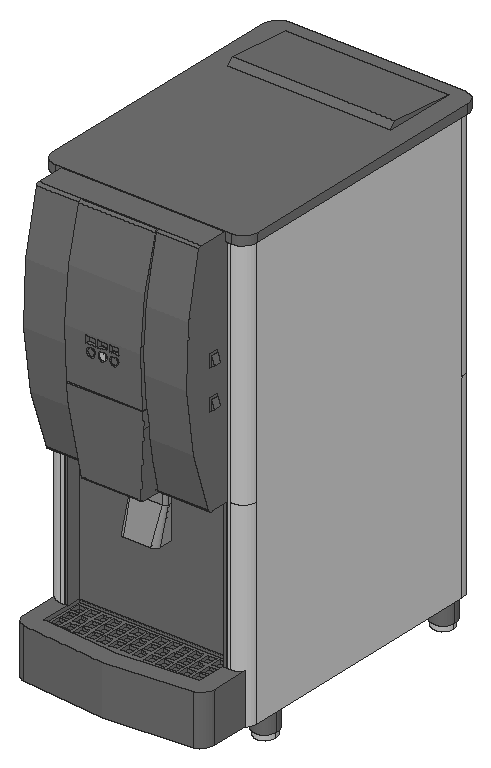
Revit family "QF_HOSHIZAKI_DCM-120KE-HC", category Specialty Equipment, Revit 2016
Family settings
  Part Type = Normal
  Round Connector Dimension = Use Diameter
  OmniClass Number = 23.40.40.14
  OmniClass Title = Food Service Equipment
  Work Plane-Based = No
  Always vertical = Yes
  Cut with Voids When Loaded = No
  Shared = No
  Room Calculation Point = No
Parameters (values of type "DCM-120KE-HC_240V/1Ph/60Hz")
  Weight = 57.00 kg
  Waste Remarks [instance] = ""
  Volts = 240 V
  URL Cutsheet = ""
  URL = "www.hoshizaki-europe.com"
  Status [instance] = ""
  Specification by User [instance] = ""
  Specification by Manufacturer [instance] = ""
  Serial Number = ""
  Seismic Rating = ""
  SMACNA No = ""
  Revision Code [instance] = ""
  Phase = 1
  Number of Poles = 2
  NAFEM Spec ID Number = ""
  Model = "DCM-120KE-HC"
  Min Ckt Ampacity = 0 A
  Max Overcurrent Protection = 0 A
  Masterspec = ""
  Manufacturer = "HOSHIZAKI"
  Length Actual = 350 mm
  Item Number [instance] = ""
  Installed By [instance] = ""
  Indirect Waste Size = 25.4 mm
  Indirect Waste Connection Type [instance] = ""
  Indirect Waste Connection Height [instance] = 27 mm
  Identify Quantity as Lot [instance] = no
  Height Actual = 815 mm
  HP power = ""
  Furnished By [instance] = ""
  Foodservice Equipment Identifier [instance] = yes
  FL Amps = 20 A
  Electric power = 480 W
  Electric Connection Type [instance] = ""
  Elec Conn RI Height [instance] = 0 mm
  Elec Conn Connection Height [instance] = 45 mm
  Direct Waste RI Height [instance] = 0 mm
  Description = "DCM ICE AND WATER DISPENSER, 120KG PER 24 HOURS, CUBELET AND WATER, LEVER"
  Depth Actual = 585 mm
  Cycle = 60 Hz
  Cost = 0
  Conn Plug = ""
  Conn Conduit = no
  Cold Water Temperature Recommended = 0 °C
  Cold Water Size = 19.05 mm
  Cold Water Flow = 0.0 L/s
  Cold Water Connection Height [instance] = 27 mm
  CSI MasterFormat = ""
  Assembly Code = "E1090320"
  Apparent Power = 480 VA
  Accessory = no
Types (2, lengths in mm): name | Volts | Cycle
  DCM-120KE-HC_240V/1Ph/60Hz | 240 V | 60 Hz
  DCM-120KE-HC_230V/1Ph/50Hz | 230 V | 50 Hz
Reference planes
  plane 1 "Center (Front/Back)": y = 0
  plane 2: z = 0
  plane 3 "Center (Left/Right)": x = 0
Forms (mm)
  Extrusion 1, solid, not visible
    sketch origin (24, -306, 26) x (1, 0, 0) y (0, 1, 0)
      loop
        line (0, 0) -> (2, 0) -> (2, 2) -> (0, 2) -> (0, 0)
    from 0 to 2
  Extrusion 2, solid, not visible
    sketch origin (266, -463, 26) x (1, 0, 0) y (0, 1, 0)
      loop
        line (0, 0) -> (2, 0) -> (2, 2) -> (0, 2) -> (0, 0)
    from 0 to 2
  Extrusion 3, solid, not visible
    sketch origin (319, -377, 44) x (1, 0, 0) y (0, 1, 0)
      loop
        line (0, 0) -> (2, 0) -> (2, 2) -> (0, 2) -> (0, 0)
    from 0 to 2
  Extrusion 4, solid, not visible
    sketch origin (24, -306, 26) x (1, 0, 0) y (0, 1, 0)
      loop
        line (0, 0) -> (2, 0) -> (2, 2) -> (0, 2) -> (0, 0)
    from 0 to 2
  Extrusion 5, solid, not visible
    sketch origin (266, -463, 26) x (1, 0, 0) y (0, 1, 0)
      loop
        line (0, 0) -> (2, 0) -> (2, 2) -> (0, 2) -> (0, 0)
    from 0 to 2
  Extrusion 6, solid, not visible
    sketch origin (319, -377, 44) x (1, 0, 0) y (0, 1, 0)
      loop
        line (0, 0) -> (2, 0) -> (2, 2) -> (0, 2) -> (0, 0)
    from 0 to 2
Dimensions and locks
  aligned and locked: level to plane 2
Nested families
  nested 1: "QF_HOSHIZAKI_DCM-120KE-HC_240V_1Ph_60Hz" at (0, 0, 0), type "DCM-120KE-HC_240V/1Ph/60Hz"
    with Show Clearance yes
Connectors
  piping at (25, -304, 27), diameter 19.05, driven by "Cold Water Size", driven by "Cold Water Flow"
    settings: on Extrusion 1, index 1, connector inside diameter 609.6 mm, connector length 0 mm, flow factor 0, pipe flow 0.0 L/s, pressure drop 0.0 Pa, fitting loss kfactor 0, connector angle 0.00°, fixture units 0, engagement length 0 mm, angle of deflection 0.00°, flow configuration 1, flow direction 1, fitting loss method 0, system type 20, joint type 0, gender type 0, connector reference index -1, connector utility 0, adjustable connector no, is connector primary yes, connector description "Cold Water connection for 'DCM-120KE-HC'"
  piping at (267, -461, 27), diameter 25.4, driven by "Indirect Waste Size"
    settings: on Extrusion 2, index 2, connector inside diameter 609.6 mm, connector length 0 mm, flow factor 0, pipe flow 0.0 L/s, pressure drop 0.0 Pa, fitting loss kfactor 0, connector angle 0.00°, fixture units 0, engagement length 0 mm, angle of deflection 0.00°, flow configuration 1, flow direction 2, fitting loss method 0, system type 16, joint type 0, gender type 0, connector reference index -1, connector utility 0, adjustable connector no, is connector primary no, connector description "Drain connection for 'DCM-120KE-HC'"
  electrical at (320, -375, 45), driven by "Apparent Power", driven by "Number of Poles", driven by "Volts"
    settings: on Extrusion 3, index 3, voltage 240 V, apparent load 0 VA, apparent load phase1 480 VA, apparent load phase2 0 VA, apparent load phase3 0 VA, power factor 1, load classification "Other", number of poles 2, system type 31, power factor state 1, is connector primary yes, connector utility no, sub classification motor no, connector description "Electric connection for 'DCM-120KE-HC'"
  piping at (25, -304, 27), diameter 19.05, driven by "Cold Water Size", driven by "Cold Water Flow"
    settings: on Extrusion 4, index 4, connector inside diameter 609.6 mm, connector length 0 mm, flow factor 0, pipe flow 0.0 L/s, pressure drop 0.0 Pa, fitting loss kfactor 0, connector angle 0.00°, fixture units 0, engagement length 0 mm, angle of deflection 0.00°, flow configuration 1, flow direction 1, fitting loss method 0, system type 20, joint type 0, gender type 0, connector reference index -1, connector utility 0, adjustable connector no, is connector primary no, connector description "Cold Water connection for 'DCM-120KE-HC'"
  piping at (267, -461, 27), diameter 25.4, driven by "Indirect Waste Size"
    settings: on Extrusion 5, index 5, connector inside diameter 609.6 mm, connector length 0 mm, flow factor 0, pipe flow 0.0 L/s, pressure drop 0.0 Pa, fitting loss kfactor 0, connector angle 0.00°, fixture units 0, engagement length 0 mm, angle of deflection 0.00°, flow configuration 1, flow direction 2, fitting loss method 0, system type 16, joint type 0, gender type 0, connector reference index -1, connector utility 0, adjustable connector no, is connector primary no, connector description "Drain connection for 'DCM-120KE-HC'"
  electrical at (320, -375, 45), driven by "Apparent Power", driven by "Number of Poles", driven by "Volts"
    settings: on Extrusion 6, index 6, voltage 240 V, apparent load 0 VA, apparent load phase1 480 VA, apparent load phase2 0 VA, apparent load phase3 0 VA, power factor 1, load classification "Other", number of poles 2, system type 31, power factor state 1, is connector primary no, connector utility no, sub classification motor no, connector description "Electric connection for 'DCM-120KE-HC'"
Definition of nested family "QF_HOSHIZAKI_DCM-120KE-HC_240V_1Ph_60Hz"
  Parameters (values of type "DCM-120KE-HC_240V/1Ph/60Hz")
    URL = "www.hoshizaki-europe.com"
    Show Clearance [instance] = yes
    Model = "DCM-120KE-HC"
    Manufacturer = "HOSHIZAKI"
    Description = "DCM ICE AND WATER DISPENSER, 120KG PER 24 HOURS, CUBELET AND WATER, LEVER"
    CSI MasterFormat = ""
    Assembly Code = "E1090320"
  Types (4, lengths in mm): name | Model | Description
    (no name) | "DCM-120KE-P" | "DCM ICE AND WATER DISPENSER, 120KG PER 24 HOURS, CUBELET AND WATER, PUSH BUTTON"
    DCM-120KE | "DCM-120KE" | "DCM ICE AND WATER DISPENSER, 120KG PER 24 HOURS, CUBELET AND WATER, PUSH BUTTON"
    DCM-120KE-P | "DCM-120KE-P" | "DCM ICE AND WATER DISPENSER, 120KG PER 24 HOURS, CUBELET AND WATER, PUSH BUTTON"
    DCM-120KE-HC_240V/1Ph/60Hz | "DCM-120KE-HC" | "DCM ICE AND WATER DISPENSER, 120KG PER 24 HOURS, CUBELET AND WATER, LEVER"
  Reference planes
    plane 1 "Back": y = 0
    plane 2: z = 0
    plane 3 "Left": x = 0
    plane 4 "Right": x = 350
    plane 5 "Front": y = -585
    plane 6 "Top": z = 815
    plane 7: y = -579.094
  Forms (mm)
    Extrusion 1, solid
      sketch origin (0, 0, 120) x (1, 0, 0) y (0, 1, 0)
        loop
          arc (25, 0) -> (7.322, -7.322) -> (0, -25) r 25
          line (0, -25) -> (0, -472.5)
          arc (0, -472.5) -> (7.322, -490.178) -> (25, -497.5) r 25
          line (25, -497.5) -> (325, -497.5)
          arc (325, -497.5) -> (342.678, -490.178) -> (350, -472.5) r 25
          line (350, -472.5) -> (350, -25)
          arc (350, -25) -> (342.678, -7.322) -> (325, 0) r 25
          line (325, 0) -> (25, 0)
      from 670 to 685
    Extrusion 2, solid
      sketch origin (0, 0, 389) x (1, 0, 0) y (0, 1, 0)
        loop
          arc (25, -5) -> (10.858, -10.858) -> (5, -25) r 20
          line (5, -25) -> (5, -468)
          arc (5, -468) -> (12.322, -485.678) -> (30, -493) r 25
          line (30, -493) -> (320, -493)
          arc (320, -493) -> (337.678, -485.678) -> (345, -468) r 25
          line (345, -468) -> (345, -30)
          arc (345, -30) -> (337.678, -12.322) -> (320, -5) r 25
          line (320, -5) -> (25, -5)
      from 0 to 399
    Extrusion 3, solid
      sketch origin (0, 0, 50) x (1, 0, 0) y (0, 1, 0)
        loop
          arc (25, -5) -> (10.858, -10.858) -> (5, -25) r 20
          line (5, -25) -> (5, -468)
          arc (5, -468) -> (12.322, -485.678) -> (30, -493) r 25
          line (30, -493) -> (36, -493) -> (36, -464) -> (314, -464) -> (314, -493) -> (320, -493)
          arc (320, -493) -> (337.678, -485.678) -> (345, -468) r 25
          line (345, -468) -> (345, -30)
          arc (345, -30) -> (337.678, -12.322) -> (320, -5) r 25
          line (320, -5) -> (25, -5)
      from 0 to 339
    Extrusion 4, solid
      sketch origin (0, -66, 50) x (1, 0, 0) y (0, 1, 0)
        loop
          line (12, -419.349) -> (12, -482.41)
          arc (12, -482.41) -> (17.026, -497.445) -> (30.084, -506.435) r 25
          arc (30.084, -506.435) -> (175, -519.412) -> (319.916, -506.435) r 815.614
          arc (319.916, -506.435) -> (332.974, -497.445) -> (338, -482.41) r 25
          line (338, -482.41) -> (338, -419.349)
          arc (338, -419.349) -> (329.779, -425.008) -> (320, -427) r 25
          line (320, -427) -> (314, -427) -> (314, -398) -> (36, -398) -> (36, -427) -> (30, -427)
          arc (30, -427) -> (20.221, -425.008) -> (12, -419.349) r 25
        loop
          line (308, -403) -> (42, -403) -> (42, -478.072)
          arc (42, -478.072) -> (175, -489.412) -> (308, -478.072) r 785.614
          line (308, -478.072) -> (308, -403)
      from 0 to 85
    Extrusion 5, solid
      sketch origin (0, -66, 0) x (1, 0, 0) y (0, 1, 0)
        loop
          line (36, -398) -> (36, -427) -> (42, -427) -> (42, -403) -> (308, -403) -> (308, -427) -> (314, -427) -> (314, -398) -> (36, -398)
      from 135 to 389
    Extrusion 6, solid
      sketch origin (0, -66, 47) x (0, 1, 0) y (0, 0, 1)
        loop
          line (-432, 758) -> (-481.019, 758)
          arc (-481.019, 758) -> (-484.281, 757.203) -> (-486.807, 754.99) r 7.071
          arc (-486.807, 754.99) -> (-512.728, 548.052) -> (-465.09, 345.01) r 590.478
          arc (-465.09, 345.01) -> (-462.564, 342.797) -> (-459.302, 342) r 7.071
          line (-459.302, 342) -> (-427, 342) -> (-427, 743) -> (-432, 743) -> (-432, 758)
      from 36 to 314
    Extrusion 7, solid
      sketch origin (110, -56, 47) x (0, 1, 0) y (0, 0, 1)
        loop
          arc (-517.034, 494) -> (-521.761, 625.645) -> (-496.807, 754.99) r 582.888
          arc (-496.807, 754.99) -> (-494.281, 757.203) -> (-491.019, 758) r 7.071
          line (-491.019, 758) -> (-491.929, 758)
          arc (-491.929, 758) -> (-495.191, 757.203) -> (-497.717, 754.99) r 7.071
          arc (-497.717, 754.99) -> (-526.179, 626.038) -> (-524.034, 494) r 566.877
          line (-524.034, 494) -> (-517.034, 494)
        loop
          line (-504.139, 342) -> (-468.212, 342)
          arc (-468.212, 342) -> (-471.474, 342.797) -> (-474, 345.01) r 7.071
          arc (-474, 345.01) -> (-500.684, 416.695) -> (-516.653, 491.5) r 524.296
          line (-516.653, 491.5) -> (-523.913, 491.5)
          arc (-523.913, 491.5) -> (-519.206, 418.037) -> (-509.927, 345.01) r 1179.959
          arc (-509.927, 345.01) -> (-507.401, 342.797) -> (-504.139, 342) r 7.071
      from 0 to 130
    Extrusion 8, void
      sketch origin (0, -66, 47) x (1, 0, 0) y (0, 0, 1)
        loop
          line (225, 342) -> (240, 342) -> (240, 464.165) -> (225, 342)
        loop
          line (125, 342) -> (110, 464.165) -> (110, 342) -> (125, 342)
      from 527.039 to 427
    Extrusion 9, solid
      sketch origin (0, -66, 0) x (1, 0, 0) y (0, 1, 0)
        loop
          arc (42, -478.072) -> (175, -489.412) -> (308, -478.072) r 785.614
          line (308, -478.072) -> (308, -403) -> (42, -403) -> (42, -478.072)
      from 50 to 65.191
    Extrusion 10, solid
      sketch origin (0, -66, 125) x (1, 0, 0) y (0, 1, 0)
        loop
          line (44, -405) -> (44, -478.385)
          arc (44, -478.385) -> (175, -489.412) -> (306, -478.385) r 783.614
          line (306, -478.385) -> (306, -405) -> (44, -405)
        loop
          line (62.5, -410) -> (47.5, -410) -> (47.5, -427) -> (62.5, -427) -> (62.5, -410)
        loop
          line (67.5, -410) -> (67.5, -427) -> (82.5, -427) -> (82.5, -410) -> (67.5, -410)
        loop
          line (87.5, -410) -> (87.5, -427) -> (102.5, -427) -> (102.5, -410) -> (87.5, -410)
        loop
          line (107.5, -410) -> (107.5, -427) -> (122.5, -427) -> (122.5, -410) -> (107.5, -410)
        loop
          line (127.5, -410) -> (127.5, -427) -> (142.5, -427) -> (142.5, -410) -> (127.5, -410)
        loop
          line (147.5, -410) -> (147.5, -427) -> (162.5, -427) -> (162.5, -410) -> (147.5, -410)
        loop
          line (167.5, -410) -> (167.5, -427) -> (182.5, -427) -> (182.5, -410) -> (167.5, -410)
        loop
          line (187.5, -410) -> (187.5, -427) -> (202.5, -427) -> (202.5, -410) -> (187.5, -410)
        loop
          line (207.5, -410) -> (207.5, -427) -> (222.5, -427) -> (222.5, -410) -> (207.5, -410)
        loop
          line (227.5, -410) -> (227.5, -427) -> (242.5, -427) -> (242.5, -410) -> (227.5, -410)
        loop
          line (247.5, -410) -> (247.5, -427) -> (262.5, -427) -> (262.5, -410) -> (247.5, -410)
        loop
          line (267.5, -410) -> (267.5, -427) -> (282.5, -427) -> (282.5, -410) -> (267.5, -410)
        loop
          line (287.5, -410) -> (287.5, -427) -> (302.5, -427) -> (302.5, -410) -> (287.5, -410)
        loop
          line (62.5, -432) -> (47.5, -432) -> (47.5, -449) -> (62.5, -449) -> (62.5, -432)
        loop
          line (67.5, -432) -> (67.5, -449) -> (82.5, -449) -> (82.5, -432) -> (67.5, -432)
        loop
          line (87.5, -432) -> (87.5, -449) -> (102.5, -449) -> (102.5, -432) -> (87.5, -432)
        loop
          line (107.5, -432) -> (107.5, -449) -> (122.5, -449) -> (122.5, -432) -> (107.5, -432)
        loop
          line (127.5, -432) -> (127.5, -449) -> (142.5, -449) -> (142.5, -432) -> (127.5, -432)
        loop
          line (147.5, -432) -> (147.5, -449) -> (162.5, -449) -> (162.5, -432) -> (147.5, -432)
        loop
          line (167.5, -432) -> (167.5, -449) -> (182.5, -449) -> (182.5, -432) -> (167.5, -432)
        loop
          line (187.5, -432) -> (187.5, -449) -> (202.5, -449) -> (202.5, -432) -> (187.5, -432)
        loop
          line (207.5, -432) -> (207.5, -449) -> (222.5, -449) -> (222.5, -432) -> (207.5, -432)
        loop
          line (227.5, -432) -> (227.5, -449) -> (242.5, -449) -> (242.5, -432) -> (227.5, -432)
        loop
          line (247.5, -432) -> (247.5, -449) -> (262.5, -449) -> (262.5, -432) -> (247.5, -432)
        loop
          line (267.5, -432) -> (267.5, -449) -> (282.5, -449) -> (282.5, -432) -> (267.5, -432)
        loop
          line (287.5, -432) -> (287.5, -449) -> (302.5, -449) -> (302.5, -432) -> (287.5, -432)
        loop
          line (62.5, -454) -> (47.5, -454) -> (47.5, -471) -> (62.5, -471) -> (62.5, -454)
        loop
          line (67.5, -454) -> (67.5, -471) -> (82.5, -471) -> (82.5, -454) -> (67.5, -454)
        loop
          line (87.5, -454) -> (87.5, -471) -> (102.5, -471) -> (102.5, -454) -> (87.5, -454)
        loop
          line (107.5, -454) -> (107.5, -471) -> (122.5, -471) -> (122.5, -454) -> (107.5, -454)
        loop
          line (127.5, -454) -> (127.5, -471) -> (142.5, -471) -> (142.5, -454) -> (127.5, -454)
        loop
          line (147.5, -454) -> (147.5, -471) -> (162.5, -471) -> (162.5, -454) -> (147.5, -454)
        loop
          line (167.5, -454) -> (167.5, -471) -> (182.5, -471) -> (182.5, -454) -> (167.5, -454)
        loop
          line (187.5, -454) -> (187.5, -471) -> (202.5, -471) -> (202.5, -454) -> (187.5, -454)
        loop
          line (207.5, -454) -> (207.5, -471) -> (222.5, -471) -> (222.5, -454) -> (207.5, -454)
        loop
          line (227.5, -454) -> (227.5, -471) -> (242.5, -471) -> (242.5, -454) -> (227.5, -454)
        loop
          line (247.5, -454) -> (247.5, -471) -> (262.5, -471) -> (262.5, -454) -> (247.5, -454)
        loop
          line (267.5, -454) -> (267.5, -471) -> (282.5, -471) -> (282.5, -454) -> (267.5, -454)
        loop
          line (287.5, -454) -> (287.5, -471) -> (302.5, -471) -> (302.5, -454) -> (287.5, -454)
      from 0 to 5
    Blend 11, solid
      base sketch origin (0, -166, 47) x (1, 0, 0) y (0, 1, 0)
        loop
          line (140.482, -311.165) -> (140.482, -332.165)
          arc (140.482, -332.165) -> (143.411, -339.236) -> (150.482, -342.165) r 10
          line (150.482, -342.165) -> (195.482, -342.165)
          arc (195.482, -342.165) -> (202.553, -339.236) -> (205.482, -332.165) r 10
          line (205.482, -332.165) -> (205.482, -311.165) -> (140.482, -311.165)
      top sketch origin (0, -166, 0) x (1, 0, 0) y (0, 1, 0)
        loop
          line (140.482, -311.165) -> (140.482, -316.665)
          arc (140.482, -316.665) -> (142.093, -320.554) -> (145.982, -322.165) r 5.5
          line (145.982, -322.165) -> (199.982, -322.165)
          arc (199.982, -322.165) -> (203.871, -320.554) -> (205.482, -316.665) r 5.5
          line (205.482, -316.665) -> (205.482, -311.165) -> (140.482, -311.165)
      from 237.398 to 342.491
    Extrusion 12, solid
      sketch origin (0, -56, 615.172) x (1, 0, 0) y (0, 1, 0)
        loop
          line (148.752, -523.552) -> (161.455, -525.792) -> (161.455, -520.871) -> (148.752, -520.871) -> (148.752, -523.552)
      from 0.911 to 8.576
    Extrusion 13, solid
      sketch origin (20, -56, 615.172) x (1, 0, 0) y (0, 1, 0)
        loop
          line (148.752, -523.552) -> (161.455, -525.792) -> (161.455, -520.871) -> (148.752, -520.871) -> (148.752, -523.552)
      from 0.911 to 8.576
    Extrusion 14, solid
      sketch origin (40, -56, 615.172) x (1, 0, 0) y (0, 1, 0)
        loop
          line (148.752, -523.552) -> (161.455, -525.792) -> (161.455, -520.871) -> (148.752, -520.871) -> (148.752, -523.552)
      from 0.911 to 8.576
    Extrusion 15, solid
      sketch origin (0, -576.871, 47) x (1, 0, 0) y (0, 0, 1)
        loop
          circle (155.195, 555.5) r 5.5
      from 0 to 7.129
    Extrusion 16, solid
      sketch origin (40, -576.871, 47) x (1, 0, 0) y (0, 0, 1)
        loop
          circle (155.195, 555.5) r 5.5
      from 0 to 7.129
    Extrusion 17, solid
      sketch origin (20, -576.871, 47) x (1, 0, 0) y (0, 0, 1)
        loop
          circle (155.195, 555.5) r 5.5
      from 0 to 7.129
    Extrusion 18, solid
      sketch origin (-132.67, 338.627, 0.282) x (1, 0, 0) y (0, 1, 0)
        loop
          circle (166.67, -372.627) r 20.5
      from 9.718 to 49.718
    Extrusion 19, solid
      sketch origin (-132.67, 338.627, 0) x (1, 0, 0) y (0, 1, 0)
        loop
          circle (166.67, -372.627) r 17.5
      from 0 to 10
    Extrusion 20, solid
      sketch origin (482.67, 338.627, 0.282) x (-1, 0, 0) y (0, -1, 0)
        loop
          circle (166.67, 372.627) r 20.5
      from 9.718 to 49.718
    Extrusion 21, solid
      sketch origin (482.67, 338.627, 0) x (-1, 0, 0) y (0, -1, 0)
        loop
          circle (166.67, 372.627) r 17.5
      from 0 to 10
    Extrusion 22, solid
      sketch origin (-132.67, -41.373, 0.282) x (1, 0, 0) y (0, 1, 0)
        loop
          circle (166.67, -372.627) r 20.5
      from 9.718 to 49.718
    Extrusion 23, solid
      sketch origin (-132.67, -41.373, 0) x (1, 0, 0) y (0, 1, 0)
        loop
          circle (166.67, -372.627) r 17.5
      from 0 to 10
    Extrusion 24, solid
      sketch origin (482.67, -41.373, 0.282) x (-1, 0, 0) y (0, -1, 0)
        loop
          circle (166.67, 372.627) r 20.5
      from 9.718 to 49.718
    Extrusion 25, solid
      sketch origin (482.67, -41.373, 0) x (-1, 0, 0) y (0, -1, 0)
        loop
          circle (166.67, 372.627) r 17.5
      from 0 to 10
    Extrusion 26, solid
      sketch origin (0, -66, 47) x (1, 0, 0) y (0, 1, 0)
        loop
          line (140.482, -411.165) -> (140.482, -416.665)
          arc (140.482, -416.665) -> (142.093, -420.554) -> (145.982, -422.165) r 5.5
          line (145.982, -422.165) -> (199.982, -422.165)
          arc (199.982, -422.165) -> (203.871, -420.554) -> (205.482, -416.665) r 5.5
          line (205.482, -416.665) -> (205.482, -411.165) -> (140.482, -411.165)
      from 295.491 to 342
    Extrusion 27, solid
      sketch origin (0, 0, 120) x (0, 1, 0) y (0, 0, 1)
        loop
          line (-20, 685) -> (-134.301, 695) -> (-144.301, 685) -> (-20, 685)
      from 314 to 36
    Extrusion 28, solid
      sketch origin (-6.587, -35.66, 27) x (1, 0, 0) y (0, 1, 0)
        loop
          circle (31.587, -268.34) r 10
        loop
          circle (31.587, -268.34) r 8
      from 0 to 23
    Extrusion 29, solid
      sketch origin (117.104, -60.281, 45) x (1, 0, 0) y (0, 1, 0)
        loop
          circle (202.896, -313.719) r 5
      from 0 to 5
    Sweep 30, solid
      path origin (267, -143.502, 0) x (0, 1, 0) y (0, 0, 1)
        loop
          line (-343, 50) -> (-343, 37.5)
          arc (-343, 37.5) -> (-338.607, 26.893) -> (-328, 22.5) r 15
          line (-328, 22.5) -> (-317.393, 22.5)
      profile origin (267, -486.502, 43.75) x (1, 0, 0) y (0, 1, 0)
        loop
          circle (0, 0) r 12.5
        loop
          circle (0, 0) r 10.5
    Extrusion 31, solid
      sketch origin (314, 15, 82) x (0, 1, 0) y (0, 0, 1)
        loop
          line (-546.84, 550.904) -> (-546.84, 529.904) -> (-531.84, 529.904) -> (-531.84, 550.904) -> (-546.84, 550.904)
      from 0 to 2
    Extrusion 32, solid
      sketch origin (314, 15, 15) x (0, 1, 0) y (0, 0, 1)
        loop
          line (-546.84, 550.904) -> (-546.84, 529.904) -> (-531.84, 529.904) -> (-531.84, 550.904) -> (-546.84, 550.904)
      from 0 to 2
    Extrusion 33, solid
      sketch origin (0, -679.835, 47) x (1, 0, 0) y (0, 0, 1)
        loop
          line (316, 583.434) -> (316, 566.716) -> (322.223, 569.617) -> (318.043, 582.481) -> (316, 583.434)
      from -150 to -160.99
    Extrusion 34, solid
      sketch origin (0, -679.835, -20) x (1, 0, 0) y (0, 0, 1)
        loop
          line (316, 583.434) -> (316, 566.716) -> (322.223, 569.617) -> (318.043, 582.481) -> (316, 583.434)
      from -150 to -160.99
    Extrusion 35, void
      sketch origin (0, -765, 0) x (1, 0, 0) y (0, 0, 1)
        loop
          circle (155.195, 602.5) r 7.5
        loop
          line (163.455, 614.083) -> (163.455, 625.748) -> (146.752, 625.748) -> (146.752, 614.083) -> (163.455, 614.083)
        loop
          line (166.752, 614.083) -> (183.455, 614.083) -> (183.455, 625.748) -> (166.752, 625.748) -> (166.752, 614.083)
        loop
          line (186.752, 625.748) -> (186.752, 614.083) -> (203.455, 614.083) -> (203.455, 625.748) -> (186.752, 625.748)
        loop
          circle (175.195, 602.5) r 7.5
        loop
          circle (195.195, 602.5) r 7.5
      from -166 to -188.129
  Cuts and joins
    Extrusion 8, Extrusion 35 cuts Extrusion 7
    joined: Extrusion 2, Extrusion 3
  Lines and regions (mm)
    symbolic lines
      curve 1: line (25, 0, 0) -> (325, 0, 0)
      curve 2: arc (325, 0, 0) -> (342.678, -7.322, 0) -> (350, -25, 0) r 25
      curve 3: line (350, -25, 0) -> (350, -472.5, 0)
      curve 4: arc (350, -472.5, 0) -> (342.678, -490.178, 0) -> (325, -497.5, 0) r 25
      curve 5: line (338, -493.854, 0) -> (338, -548.41, 0)
      curve 6: arc (338, -548.41, 0) -> (332.974, -563.445, 0) -> (319.916, -572.435, 0) r 25
      curve 7: arc (319.916, -572.435, 0) -> (177.958, -585.981, 0) -> (36, -572.435, 0) r 750.588
      curve 8: arc (36, -572.435, 0) -> (19.029, -565.405, 0) -> (12, -548.435, 0) r 24
      curve 9: line (12, -548.435, 0) -> (12, -493.854, 0)
      curve 10: arc (25, -497.5, 0) -> (7.322, -490.178, 0) -> (0, -472.5, 0) r 25
      curve 11: line (0, -472.5, 0) -> (0, -25, 0)
      curve 12: arc (0, -25, 0) -> (7.322, -7.322, 0) -> (25, 0, 0) r 25
      curve 13: line (36, -497.5, 0) -> (36, -572.435, 0)
      curve 14: line (314, -497.5, 0) -> (314, -573.55, 0)
      curve 15: line (325, -497.5, 0) -> (25, -497.5, 0)
      curve 16: line (314, -20, 0) -> (36, -20, 0)
      curve 17: line (314, -144.301, 0) -> (314, -20, 0)
      curve 18: line (36, -144.301, 0) -> (314, -144.301, 0)
      curve 19: line (36, -20, 0) -> (36, -144.301, 0)
  Dimensions and locks
    aligned and locked: level to plane 2
  Connectors
    piping at (25, -304, 27), diameter 19.05
      settings: on Extrusion 28, index 1, connector inside diameter 609.6 mm, connector length 0 mm, flow factor 0, pipe flow 0.0 L/s, pressure drop 0.0 Pa, fitting loss kfactor 0, connector angle 0.00°, fixture units 0, engagement length 0 mm, angle of deflection 0.00°, flow configuration 1, flow direction 1, fitting loss method 0, system type 20, joint type 0, gender type 0, connector reference index -1, connector utility 0, adjustable connector no, is connector primary yes, connector description "Cold Water Connection"
    electrical at (320, -374, 45)
      settings: on Extrusion 29, index 2, voltage 230 V, apparent load 0 VA, apparent load phase1 480 VA, apparent load phase2 0 VA, apparent load phase3 0 VA, power factor 1, load classification none, number of poles 1, system type 31, power factor state 1, is connector primary yes, connector utility no, sub classification motor no, connector description "Electrical Connection"
    piping at (267, -460.895, 22.5), diameter 25.4
      settings: on Sweep 30, index 3, connector inside diameter 609.6 mm, connector length 0 mm, flow factor 0, pipe flow 0.0 L/s, pressure drop 0.0 Pa, fitting loss kfactor 0, connector angle 0.00°, fixture units 0, engagement length 0 mm, angle of deflection 0.00°, flow configuration 1, flow direction 2, fitting loss method 0, system type 16, joint type 0, gender type 0, connector reference index -1, connector utility 0, adjustable connector no, is connector primary no, connector description "Indirect Waste Connection"
